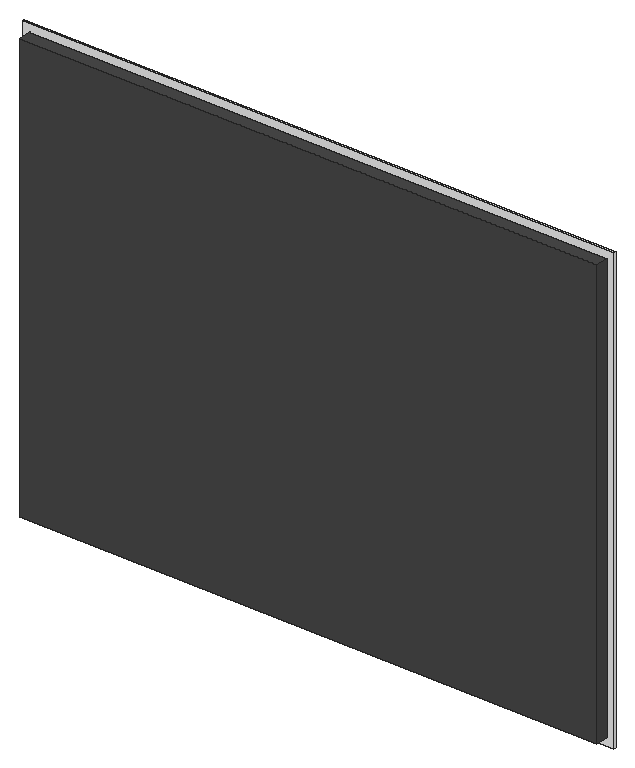
Revit family "3-030X-xx Skylight Mirror", category Lighting Fixtures, host Wall, Revit 2021
Family settings
  Host = Wall
  Round Connector Dimension = Use Diameter
  Part Type = Normal
  OmniClass Number = 23.80.70.00
  OmniClass Title = Lighting
  Always vertical = Yes
  Cut with Voids When Loaded = No
  Light Source = No
  Shared = No
  Room Calculation Point = No
Parameters (values of type "3-0303-15 / Black")
  Width = 1219 mm
  Height = 914 mm
  Diffuser = Ghost Mirror
  Default Elevation = 0 mm
  Wattage Comments = "1 x 122.6 W at 120 V"
  Voltage Input = "120 V or 277 V - 50/60 Hz"  # constant formula
  Voltage = 120 V
  URL = "www.oxygenlighting.com"
  References = "Ref. 3 = 120 V / Ref. 37 = 277 V"  # constant formula
  Model = "3-030X-xx / Skylight"  # constant formula
  Metal Finish 1 = 15 - Black
  Manufacturer = "Vanita by Oxygen"  # constant formula
  Lamp = "LED Array"  # constant formula
Types (5, lengths in mm): name | Width | Height | Wattage Comments
  3-0301-15 / Black | 914 | 610 | "1 x 83.5 W at 120 V"
  3-0302-15 / Black | 914 | 914 | "1 x 99.7 W at 120 V"
  3-0303-15 / Black | 1219 | 914 | "1 x 122.6 W at 120 V"
  3-0304-15 / Black | 1219 | 1219 | "1 x 167.9 W at 120 V"
  3-0305-15 / Black | 1524 | 1067 | "1 x 167.9 W at 120 V"
Reference planes
  plane 1: y = 0
  plane 2 "Light Source Axis (L/R)": x = 125
  plane 3 "Light Source Axis (F/R)": y = 160
  plane 4 "Light Source Elevation": z = 700
  plane 5: y = 75
Text (mm)
  text "Placement side" at (-1787.139, 1116.779, 0), in view "Ref. Level"
  text "Placement side" at (0, 2110.396, 2986.058), in view "Left"
  text "Placement side" at (0, 628.478, 3011.967), in view "Right"
Dimensions and locks
  aligned and locked: plane 1 to host wall
  aligned and locked: plane 5 to host wall
  aligned and locked: plane 5 to nested 1
  aligned and locked: nested 1 to plane 2 "Light Source Axis (L/R)"
Nested families
  nested 1: "Family1" at (125, 75, 1005) x (-1, 0, 0) z (0, 0, 1), type "Family1"
    with Width 1219 mm, Height 914 mm
Connectors
  electrical at (125, 75, 1005)
    settings: on nested 1, index 1, voltage 0 V, apparent load 0 VA, apparent load phase1 0 VA, apparent load phase2 0 VA, apparent load phase3 0 VA, power factor 1, load classification "Otro", number of poles 1, system type 31, power factor state 1, is connector primary yes, connector utility no, sub classification motor no, connector description ""
Definition of nested family "Family1"
  Parameters (values of type "Family1")
    Width = 1200 mm
    Metal Finish 1 = none
    Height = 300 mm
    Diffuser = none
    Default Elevation = 0 mm
  Reference planes
    plane 1 "Center (Front/Back)": y = 0
    plane 2: z = 0
    plane 3 "Center (Left/Right)": x = 0
    plane 4: x = 585
    plane 5: x = -585
    plane 6: z = 135
    plane 7: z = -135
    plane 8: x = 505
    plane 9: z = 55
    plane 10: z = -55
    plane 11: x = -505
    plane 12: y = -102.595
    plane 13: z = -150
    plane 14: x = -600
    plane 15: z = 150
    plane 16: x = 600
    plane 17: z = -95
    plane 18: x = -545
    plane 19: z = 95
    plane 20: x = 545
    plane 21: x = -510
    plane 22: z = 60
    plane 23: x = 510
    plane 24: x = -480
    plane 25: x = 480
    plane 26: z = -40
    plane 27: x = -9.821
    plane 28: x = 9.821
    plane 29: z = -30
    plane 30: z = -50
  Forms (mm)
    Extrusion 1, solid
      sketch origin (-1865, 0, 34.634) x (1, 0, 0) y (0, 0, 1)
        loop
          line (1265, 115.366) -> (1265, -184.634) -> (2465, -184.634) -> (2465, 115.366) -> (1265, 115.366)
        loop
          line (1385, 60.366) -> (1385, 25.366) -> (2345, 25.366) -> (2345, 60.366) -> (1385, 60.366)
        loop
          line (2375, -129.634) -> (2410, -129.634) -> (2410, 60.366) -> (2375, 60.366) -> (2375, -129.634)
        loop
          line (1320, -129.634) -> (1355, -129.634) -> (1355, 60.366) -> (1320, 60.366) -> (1320, -129.634)
        loop
          line (1855.179, -64.634) -> (1855.179, -84.634) -> (1864, -84.634) -> (1864, -81.634) -> (1858.179, -81.634) -> (1858.179, -67.634) -> (1864, -67.634) -> (1864, -64.634) -> (1855.179, -64.634)
        loop
          line (1874.821, -84.634) -> (1874.821, -64.634) -> (1866, -64.634) -> (1866, -67.634) -> (1871.821, -67.634) -> (1871.821, -81.634) -> (1866, -81.634) -> (1866, -84.634) -> (1874.821, -84.634)
      from 25.658 to 29.595
    Extrusion 2, solid, material <- "Metal Finish 1"
      sketch origin (0, 0, 0) x (1, 0, 0) y (0, 0, 1)
        loop
          line (585, 135) -> (-585, 135) -> (-585, -135) -> (585, -135) -> (585, 135)
      from 0 to 25.658
    Extrusion 3, solid, material <- "Metal Finish 1"
      sketch origin (198.019, -1.936, 15.522) x (1, 0, 0) y (0, 1, 0)
        loop
          line (-653.019, -27.658) -> (-653.019, -100.658)
          arc (-653.019, -100.658) -> (-650.09, -107.729) -> (-643.019, -110.658) r 10
          line (-643.019, -110.658) -> (246.981, -110.658)
          arc (246.981, -110.658) -> (254.052, -107.729) -> (256.981, -100.658) r 10
          line (256.981, -100.658) -> (256.981, -27.658) -> (-653.019, -27.658)
      from -110.522 to -107.522
    Extrusion 4, solid, material <- "Diffuser"
      sketch origin (0, 0, 0) x (1, 0, 0) y (0, 0, 1)
        loop
          line (-545, 95) -> (-545, -95) -> (-510, -95) -> (-510, 95) -> (-545, 95)
        loop
          line (-480, 60) -> (480, 60) -> (480, 95) -> (-480, 95) -> (-480, 60)
        loop
          line (510, 95) -> (510, -95) -> (545, -95) -> (545, 95) -> (510, 95)
      from 25.658 to 29.595
  Dimensions and locks
    equal spacing: plane 4, plane 3 "Center (Left/Right)", plane 5
    equal spacing: plane 7, level, plane 6
    locked: plane 4 to plane 8 at 80
    locked: plane 5 to plane 11 at 80
    locked: plane 9 to plane 6 at 80
    locked: plane 7 to plane 10 at 80
    Extrusion 3 to Extrusion 3 = 3 mm
    equal spacing: Extrusion 3 sketch curve, plane 3 "Center (Left/Right)", Extrusion 3 sketch curve
    plane 5 to Extrusion 3 sketch curve = 130 mm
    locked: plane 12 to Extrusion 3 sketch curve at 10
    locked: plane 15 to plane 6 at 15
    locked: plane 7 to plane 13 at 15
    locked: plane 16 to plane 4 at 15
    locked: plane 14 to plane 5 at 15
    "Height": plane 15 to plane 13
    "Width": plane 14 to plane 16
    Extrusion 1 to plane 1 "Center (Front/Back)" = 29.595 mm
    Extrusion 3 to Extrusion 1 = 83 mm
    plane 17 to plane 13 = 55 mm
    locked: Extrusion 3 to plane 17 at 3
    locked: plane 14 to plane 18 at 55
    locked: plane 16 to plane 20 at 55
    locked: plane 15 to plane 19 at 55
    locked: plane 19 to plane 22 at 35
    locked: plane 18 to plane 21 at 35
    locked: plane 20 to plane 23 at 35
    locked: plane 14 to plane 24 at 120
    locked: plane 16 to plane 25 at 120
    plane 26 to plane 13 = 110 mm
    locked: plane 28 to plane 27 at 19.643
    locked: plane 29 to plane 30 at 20
    locked: plane 29 to plane 26 at 10
    locked: plane 29 to Extrusion 1 sketch curve at 3
    locked: Extrusion 1 sketch curve to plane 30 at 3
    locked: Extrusion 1 sketch curve to Extrusion 1 sketch curve at 3
    locked: Extrusion 1 sketch curve to plane 27 at 3
    aligned and locked: plane 2 to level
    aligned and locked: Extrusion 2 sketch curve to plane 6
    aligned and locked: plane 7 to Extrusion 2 sketch curve
    aligned and locked: Extrusion 2 sketch curve to plane 5
    aligned and locked: Extrusion 2 sketch curve to plane 4
    aligned and locked: plane 12 to Extrusion 3 sketch curve  (x2)
    aligned and locked: plane 16 to Extrusion 1 sketch curve
    aligned and locked: plane 13 to Extrusion 1 sketch curve
    aligned and locked: plane 14 to Extrusion 1 sketch curve
    aligned and locked: Extrusion 1 sketch curve to plane 15
    aligned and locked: Extrusion 3 to Extrusion 1
    aligned and locked: Extrusion 3 to plane 17
    aligned and locked: Extrusion 1 sketch curve to plane 25
    aligned and locked: plane 22 to Extrusion 1 sketch curve
    aligned and locked: Extrusion 1 sketch curve to plane 19
    aligned and locked: Extrusion 1 sketch curve to plane 24
    aligned and locked: plane 17 to Extrusion 1 sketch curve
    aligned and locked: plane 23 to Extrusion 1 sketch curve
    aligned and locked: plane 20 to Extrusion 1 sketch curve
    aligned and locked: plane 19 to Extrusion 1 sketch curve  (x2)
    aligned and locked: plane 18 to Extrusion 1 sketch curve
    aligned and locked: Extrusion 1 sketch curve to plane 21
    aligned and locked: Extrusion 1 sketch curve to plane 17
    aligned and locked: Extrusion 4 sketch curve to Extrusion 1  (x8)
    aligned and locked: Extrusion 1 to Extrusion 4 sketch curve  (x4)
    aligned and locked: Extrusion 1 sketch curve to plane 28
    aligned and locked: plane 27 to Extrusion 1 sketch curve
    aligned and locked: plane 30 to Extrusion 1 sketch curve
    aligned and locked: Extrusion 1 sketch curve to plane 29
  Automatic sketch dimensions
    plane 1 "Center (Front/Back)" to Extrusion 3 sketch curve = 29.595 mm
    Extrusion 1 sketch curve to plane 29 = 0 mm
    Extrusion 1 sketch curve to plane 30 = 0 mm
    Extrusion 1 sketch curve to plane 3 "Center (Left/Right)" = 1 mm
    Extrusion 1 sketch curve to Extrusion 1 sketch curve = 0 mm  (x2)
    Extrusion 1 sketch curve to Extrusion 1 sketch curve = 2 mm
    plane 3 "Center (Left/Right)" to Extrusion 1 sketch curve = 1 mm  (x2)
